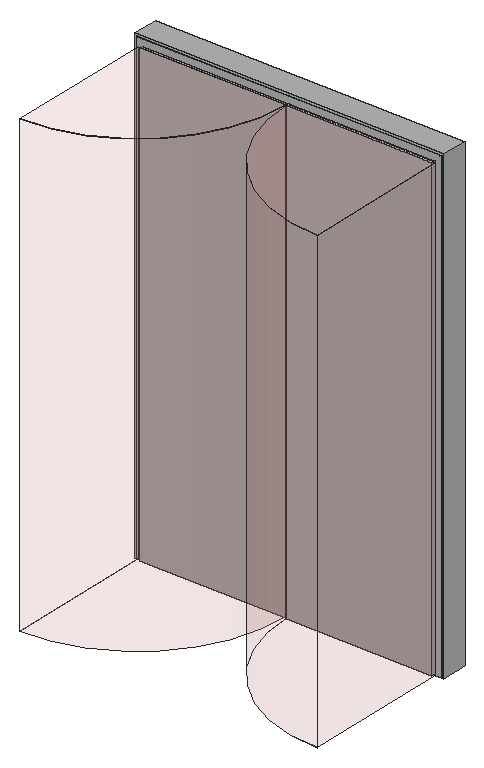
Revit family "ASSA ABLOY - ALPE Sp 120-2, double-leaf, block frame", category Doors, host Wall, Revit 2021
Family settings
  Host = Wall
  OmniClass Number = 23.30.10.00
  OmniClass Title = Doors
  Always vertical = Yes
  Cut with Voids When Loaded = No
  Shared = No
  Room Calculation Point = No
Parameters (values of type "1250 x 2100 (1255 x 2101)")
  URL = "https://www.assaabloy.com/pl/pl"
  Type Comments = "Door leaf made of two pressed galvanised steel sheets 1,25mm thick. Filled with mineral wool glued to the sheets with polyurethane adhesive. Door with 3-sided thick rebate. "
  Rough Width Real = Width Round + Rough Width Conversion + Rough Width Adjustment  # 1448.000 mm
  Rough Height Real = Height Round + Rough Height Conversion + Rough Height Adjustment  # 2199.000 mm
  Rough Width Conversion = 198.000 mm  # constant formula
  Rough Width Adjustment = 0.000 mm  # constant formula
  Rough Height Conversion = 99.000 mm  # constant formula
  Rough Height Adjustment = 0.000 mm  # constant formula
  Recess Value [instance] = 2.000 mm
  Passive Symbol Radius [instance] = Passive Leaf Width + 13.500 mm  # 693.500 mm
  Passive Leaf Width [instance] = Rough Width Real - Middle Post - 44.000 mm  # 680.000 mm
  Opening Zone [instance] = yes
  Model = "Doorset_Steel fireproof door EI120/ Access control_ASSA ABLOY Opening Solutions_Hardware 3D"
  Middle Post [instance] = Active Leaf Clear Passage Width + 120.000 mm  # 724.000 mm
  Hinges Material = Default steel
  HW Item 9 = "1x Euro profile cylinder_Standard ASSA ABLOY"
  HW Item 8 = "1x N4572: central semi-automatic flush bolt _Corni (passive leaf)"
  HW Item 15 = "1x Planet FT: drop-down seal_Planet (option)"
  HW Item 14 = "1x Incedo: Access Control Set_ASSA ABLOY (option)"
  HW Item 13 = "1x HID SIGNO 20: card reader_HID"
  HW Item 12 = "1x 206253: Vercy door stopper, max 120 kg_ASSA ABLOY (option) "
  HW Item 11 = "1x Rosette set PZPZ_Standard ASSA ABLOY"
  HW Item 10 = "1x Handle set_Standard ASSA ABLOY"
  Frame Finish [instance] = ""
  Fire Rating = "EI120"  # constant formula
  Width Round = roundup((Width / 5.000 mm)) * 5.000 mm  # 1250.000 mm
  Thickness = 76.000 mm  # constant formula
  Smoke Rating = "Sa, S200 (optional)"
  Rough Width = Width Round + 2.000 mm + Rough Width Conversion + Rough Width Adjustment  # 1450.000 mm
  Rough Height = Height Round + 1.000 mm + Rough Height Conversion + Rough Height Adjustment  # 2200.000 mm
  Readme = "The actual lintel height is consistent with the Rough Height parameter.\nThe final HW Set should be consistent with the function of the door and its  parameters.\nHardware mounted on door surface may affect the clear passage opening. For verification, please contact the specification department."
  Provider = "ASSA ABLOY Opening Solutions"
  Product Group = "Double-Steel-Access Control"
  Name = "Steel fireproof door EI120/ Access control"
  Min Door Width = 1170.000 mm
  Min Door Height = 600.000 mm
  Mechanical Strength = 4
  Max Door Width = 2370.000 mm
  Max Door Height = 2500.000 mm
  Manufacturer = "ASSA ABLOY"  # constant formula
  IfcExportType = "USERDEFINED"
  IfcExportAs = "IfcDoorType"
  Height Round = roundup((Height / 5.000 mm)) * 5.000 mm  # 2100.000 mm
  Hardware Set = "1.13PL"
  HW Item 7 = "1x EA219: cable 10m"
  HW Item 6 = "1x EA280/ EA281: lead cover"
  HW Item 5 = "1x 118F: fail-locked electric strike, FaFix®, narrow style 16mm_EffEff (passive leaf)"
  HW Item 4 = "1x N1050: One System mechanical mortice lockcase for fire doors_ASSA ABLOY"
  HW Item 3 = "2x A153: mechanical opening damper_ASSA ABLOY (option)"
  HW Item 2 = "1x G461: guide rail with integrated coordinator_ASSA ABLOY"
  HW Item 1 = "2x DC700/ DC500: door closer, Cam-Motion®_ASSA ABLOY"
  Function = Interior
  Height = 2100.000 mm
  Wall Closure = By host
  Width = 1250.000 mm
  Frame Type = "Welded steel block frame, made of galvanised sheet 1,8mm thick."
  Frame Material = Default steel
  Family name = "1.13_DOORSET_ALPE Sp 120-2_DOUBLE-LEAF_BLOCK FRAME_ASSA ABLOY PL"
  Environmental Product Declaration (EPD) = "To be confirmed with Provider"  # constant formula
  Environmental Management System = "To be confirmed with Provider"  # constant formula
  Edition number = "1"
  Door Type = "ALPE Sp 120-2"
  Door Material = Default steel
  Door Finish Push Side [instance] = ""
  Door Finish Pull Side [instance] = ""
  Description = "ALPE Sp 120-2, door leaf made of two pressed galvanised steel sheets 1,25mm thick. Filled with mineral wool glued to the sheets with polyurethane adhesive. Door with 3-sided thick rebate. Stainless steel hinges with 3D regulation. Mechanical durability – class C5 according to PN-EN 16034:2014. Mechanical strength – class 4 according to PN-EN 1192:2001. Welded steel corner frame, made of galvanised sheet 1,8mm thick."
  Date of publishing = ""
  Contact Provider = "https://www.assaabloy.com/pl/pl/solutions/topics/bim-specification/contact"
  Brand = "ASSA ABLOY Mercor Doors Sp. z o. o."  # constant formula
  Author = "www.archispace.pl"
  Active Symbol Radius [instance] = Active Leaf Width + 13.500 mm  # 693.500 mm
  Active Leaf Width [instance] = Middle Post - 44.000 mm  # 680.000 mm
  Active Leaf Clear Passage Width = 604.000 mm
Types (7, lengths in mm): name | Rough Width Real | Rough Height Real | Passive Symbol Radius | Passive Leaf Width | Middle Post | Width Round | Rough Width | Rough Height | Height Round | Height | Width | Active Symbol Radius | Active Leaf Width | Active Leaf Clear Passage Width
  1170 x 600 (1175 x 601) | 1368.000 | 699.000 | 653.500 | 640.000 | 684.000 | 1170.000 | 1370.000 | 700.000 | 600.000 | 600.000 | 1170.000 | 653.500 | 640.000 | 564.000
  1250 x 2100 (1255 x 2101) | 1448.000 | 2199.000 | 693.500 | 680.000 | 724.000 | 1250.000 | 1450.000 | 2200.000 | 2100.000 | 2100.000 | 1250.000 | 693.500 | 680.000 | 604.000
  1400 x 2100 (1405 x 2101) | 1598.000 | 2199.000 | 768.500 | 755.000 | 799.000 | 1400.000 | 1600.000 | 2200.000 | 2100.000 | 2100.000 | 1400.000 | 768.500 | 755.000 | 679.000
  1600 x 2100 (1605 x 2101) | 1798.000 | 2199.000 | 868.500 | 855.000 | 899.000 | 1600.000 | 1800.000 | 2200.000 | 2100.000 | 2100.000 | 1600.000 | 868.500 | 855.000 | 779.000
  1800 x 2100 (1805 x 2101) | 1998.000 | 2199.000 | 968.500 | 955.000 | 999.000 | 1800.000 | 2000.000 | 2200.000 | 2100.000 | 2100.000 | 1800.000 | 968.500 | 955.000 | 879.000
  2000 x 2100 (2005 x 2101) | 2198.000 | 2199.000 | 1068.500 | 1055.000 | 1099.000 | 2000.000 | 2200.000 | 2200.000 | 2100.000 | 2100.000 | 2000.000 | 1068.500 | 1055.000 | 979.000
  2370 x 2500 (2375 x 2501) | 2568.000 | 2599.000 | 1253.500 | 1240.000 | 1284.000 | 2370.000 | 2570.000 | 2600.000 | 2500.000 | 2500.000 | 2370.000 | 1253.500 | 1240.000 | 1164.000
Reference planes
  plane 1: y = 0
  plane 2 "Center (Left/Right)": x = 0
  plane 3: z = 2199
  plane 4 "Exterior": y = 120
  plane 5 "Interior": y = -120
  plane 6: x = -724
  plane 7: x = 724
  plane 8: z = 2100
  plane 9: x = 0
  plane 10: z = 2142
  plane 11: x = 667
  plane 12: x = -667
  plane 13: x = 625
  plane 14: x = -625
  plane 15: x = -19
  plane 16: x = 19
  plane 17: x = -736.5
  plane 18: x = 736.5
  plane 19: z = 8
  plane 20: x = -725
  plane 21: x = 725
  plane 22: z = 2200
  plane 23: y = -130.5
  plane 24: y = -121
  plane 25: y = -118
  plane 26: y = -60
  plane 27: y = -49
  plane 28: y = 6
  plane 29: y = 2.5
  plane 30: x = 696.5
  plane 31: x = -696.5
  plane 32: z = 2158
Forms (mm)
  Sweep 1, solid, material "Default steel" <- "Frame Material"
    path origin (-489, -118, 1200) x (1, 0, 0) y (0, 0, 1)
      loop
        line (-235, -1200) -> (-235, 999) -> (1213, 999) -> (1213, -1200)
    profile origin (-724, -118, 1099.5) x (-1, 0, 0) y (0, -1, 0)
      loop
        line (-99, -58) -> (-99, -124) -> (-10, -124) -> (-10, -120.5) -> (0, -120.5) -> (0, 0) -> (-10, 0) -> (-10, 3) -> (-52, 3) -> (-52, -69) -> (-67, -69) -> (-67, -58) -> (-99, -58)
  Sweep 2, solid, material "Default steel" <- "Door Material"
    path origin (-489, -118, 1200) x (1, 0, 0) y (0, 0, 1)
      loop
        line (-178, -1192) -> (-178, 942) -> (470, 942) -> (470, -1192)
    profile origin (-343, -118, 2142) x (0, 0, 1) y (0, -1, 0)
      loop
        line (0, 20) -> (0, 5) -> (16, 5) -> (16, 20) -> (0, 20)
  Sweep 3, solid, material "Default steel" <- "Door Material"
    path origin (-489, -118, 1200) x (1, 0, 0) y (0, 0, 1)
      loop
        line (489, -1192) -> (489, 942)
    profile origin (0, -118, 1075) x (-1, 0, 0) y (0, -1, 0)
      loop
        line (667, -56) -> (667, 20) -> (19, 20) -> (19, -56) -> (667, -56)
  Sweep 4, solid, material "Opening zone", visible <- "Opening Zone"
    path origin (-5600, 0, 0) x (-1, 0, 0) y (0, 0, 1)
      loop
        line (-5600, 8) -> (-5600, 2158)
    profile origin (0, 0, 1083) x (1, 0, 0) y (0, 1, 0)
      loop
        line (-696.5, -130.5) -> (-696.5, -824)
        arc (-696.5, -824) -> (-206.121, -620.879) -> (-3, -130.5) r 693.5
        line (-3, -130.5) -> (-696.5, -130.5)
  Sweep 5, solid, material "Default steel" <- "Frame Material"
    path origin (-489, -118, 1200) x (1, 0, 0) y (0, 0, 1)
      loop
        line (489, -1192) -> (489, 900)
    profile origin (0, -118, 1054) x (-1, 0, 0) y (0, -1, 0)
      loop
        line (19, 4) -> (6, 4) -> (-2, 1) -> (-12, 1) -> (-12, -59.75) -> (-23, -59.75) -> (-38.5, -57.5) -> (-41.5, -57.5) -> (-41.5, -69) -> (-56.5, -69) -> (-56.5, -58.5) -> (-61, -58.5) -> (-61, -88.5) -> (87, -88.5) -> (87, -56) -> (19, -56) -> (19, 4)
  Sweep 6, solid, material "Default steel" <- "Door Material"
    path origin (-489, -118, 1200) x (1, 0, 0) y (0, 0, 1)
      loop
        line (508, -1192) -> (508, 942) -> (1156, 942) -> (1156, -1192)
    profile origin (343, -118, 2142) x (0, 0, 1) y (0, -1, 0)
      loop
        line (0, 20) -> (0, 5) -> (16, 5) -> (16, 20) -> (0, 20)
  Sweep 7, solid, material "Default steel" <- "Door Material"
    path origin (-489, -118, 1200) x (1, 0, 0) y (0, 0, 1)
      loop
        line (489, -1192) -> (489, 942)
    profile origin (0, -118, 1075) x (-1, 0, 0) y (0, -1, 0)
      loop
        line (-667, -56) -> (-19, -56) -> (-19, 20) -> (-667, 20) -> (-667, -56)
  Sweep 8, solid, material "Opening zone", visible <- "Opening Zone"
    path origin (5600, 0, 0) x (1, 0, 0) y (0, 0, -1)
      loop
        line (-5600, -8) -> (-5600, -2158)
    profile origin (0, 0, 1083) x (1, 0, 0) y (0, 1, 0)
      loop
        line (696.5, -130.5) -> (3, -130.5)
        arc (3, -130.5) -> (206.121, -620.879) -> (696.5, -824) r 693.5
        line (696.5, -824) -> (696.5, -130.5)
Cuts and joins
  joined: Sweep 2, Sweep 3
  joined: Sweep 6, Sweep 7
Lines and regions (mm)
  Masking region 1, detail levels fine
    outline origin (-1132.682, -300, 2037) x (-1, 0, 0) y (0, -1, 0)
      loop
        circle (-436.182, -169.5) r 11
      loop
        circle (-1829.182, -169.5) r 11
  Opening 1
    outline origin (-5000, -120, 0) x (1, 0, 0) y (0, 0, 1)
      loop
        line (4275, 2200) -> (4275, 0) -> (5725, 0) -> (5725, 2200) -> (4275, 2200)
  Masking region 2, detail levels medium
    outline origin (-1132.682, -300, 2052) x (-1, 0, 0) y (0, -1, 0)
      loop
        line (-408.682, -306) -> (-408.682, -179) -> (-507.682, -179) -> (-507.682, -306) -> (-408.682, -306)
      loop
        line (-1856.682, -306) -> (-1757.682, -306) -> (-1757.682, -179) -> (-1856.682, -179) -> (-1856.682, -306)
  Masking region 3, detail levels fine
    outline origin (-1177.682, -289.4, 2052) x (-1, 0, 0) y (0, -1, 0)
      loop
        line (-552.682, -229.4) -> (-552.682, -295.4) -> (-463.682, -295.4) -> (-463.682, -291.9) -> (-453.682, -291.9) -> (-453.682, -171.4) -> (-463.682, -171.4) -> (-463.682, -168.4) -> (-505.682, -168.4) -> (-505.682, -240.4) -> (-520.682, -240.4) -> (-520.682, -229.4) -> (-552.682, -229.4)
      loop
        line (-1802.682, -229.4) -> (-1834.682, -229.4) -> (-1834.682, -240.4) -> (-1849.682, -240.4) -> (-1849.682, -168.4) -> (-1891.682, -168.4) -> (-1891.682, -171.4) -> (-1901.682, -171.4) -> (-1901.682, -291.9) -> (-1891.682, -291.9) -> (-1891.682, -295.4) -> (-1802.682, -295.4) -> (-1802.682, -229.4)
  symbolic lines, style "Elevation Swing"
    curve 1: line (-3, -120, 1099.5) -> (-625, -120, 2100)
    curve 2: line (-3, -120, 1099.5) -> (-625, -120, 8)
    curve 3: line (3, -120, 1099.5) -> (625, -120, 2100)
    curve 4: line (3, -120, 1099.5) -> (625, -120, 8)
Text (mm)
  text "Exterior" at (-1376.75, 1099.543, 0), in view "Ref. Level"
  text "Exterior" at (0, 1615.38, 3698.081), in view "Left"
  text "Exterior" at (0, 1036.032, 3874.932), in view "Right"
Dimensions and locks
  "Rough Height Real": plane 3 to host wall
  equal spacing: host wall, curve 2, plane 3
  host wall to plane 3 = 2199.000 mm
  locked: plane 4 "Exterior" to host wall
  locked: plane 5 "Interior" to host wall
  equal spacing: plane 6, plane 2 "Center (Left/Right)", plane 7
  "Rough Width Real": plane 6 to plane 7
  "Height": plane 8 to level
  locked: plane 6 to plane 12 at 57
  locked: plane 11 to plane 7 at 57
  locked: plane 3 to plane 10 at 57
  locked: plane 13 to plane 7 at 99
  locked: plane 6 to plane 14 at 99
  locked: plane 15 to plane 9 at 19
  locked: plane 9 to plane 16 at 19
  "Middle Post": plane 9 to plane 7
  Masking region 1 sketch curve to plane 7 = 27.500 mm
  locked: plane 7 to plane 18 at 12.5
  locked: plane 17 to plane 6 at 12.5
  equal spacing: plane 3, curve 4, level
  locked: plane 19 to level at 8
  equal spacing: plane 20, plane 2 "Center (Left/Right)", plane 21
  "Rough Width": plane 20 to plane 21
  "Rough Height": plane 22 to level
  locked: plane 27 to plane 26 at 11
  locked: plane 27 to plane 29 at 51.5
  locked: plane 29 to plane 28 at 3.5
  locked: plane 25 to plane 26 at 58
  locked: plane 6 to Masking region 3 sketch curve at 10  (x2)
  locked: plane 6 to Masking region 3 sketch curve at 99
  locked: plane 6 to Masking region 3 sketch curve at 52
  locked: plane 6 to Masking region 3 sketch curve at 67
  locked: Masking region 3 sketch curve to plane 7 at 10  (x2)
  locked: Masking region 3 sketch curve to plane 7 at 52
  locked: Masking region 3 sketch curve to plane 7 at 67
  locked: Masking region 3 sketch curve to plane 7 at 99
  locked: plane 6 to Masking region 2 sketch curve at 99
  locked: Masking region 2 sketch curve to plane 7 at 99
  locked: plane 6 to Sweep 1 sketch curve at 10  (x2)
  locked: plane 6 to Sweep 1 sketch curve at 99
  locked: plane 6 to Sweep 1 sketch curve at 52
  locked: plane 6 to Sweep 1 sketch curve at 67
  locked: plane 30 to plane 7 at 27.5
  locked: plane 6 to plane 31 at 27.5
  locked: plane 24 to plane 25 at 3
  locked: plane 24 to plane 23 at 9.5
  "Recess Value": plane 5 "Interior" to plane 25
  locked: plane 3 to plane 32 at 41
  "Active Symbol Radius": radius of Sweep 8 sketch curve
  "Passive Symbol Radius": radius of Sweep 4 sketch curve
  aligned and locked: plane 1 to host wall
  aligned and locked: level to Sweep 1 sketch curve  (x2)
  aligned and locked: Sweep 1 sketch curve to plane 6  (x2)
  aligned and locked: plane 7 to Sweep 1 sketch curve
  aligned and locked: plane 2 "Center (Left/Right)" to Sweep 3 sketch curve
  aligned and locked: nested 1 to plane 2 "Center (Left/Right)"
  aligned and locked: plane 3 to Sweep 1 sketch curve
  aligned and locked: Sweep 2 sketch curve to plane 12
  aligned and locked: Sweep 2 sketch curve to plane 10
  aligned and locked: plane 10 to Sweep 3 sketch curve
  aligned and locked: Sweep 3 sketch curve to plane 12
  aligned and locked: Sweep 5 sketch curve to plane 9
  aligned and locked: plane 15 to Sweep 3 sketch curve
  aligned and locked: plane 15 to Sweep 2 sketch curve
  aligned and locked: Sweep 7 sketch curve to plane 9
  aligned and locked: plane 10 to Sweep 7 sketch curve
  aligned and locked: Sweep 7 sketch curve to plane 16
  aligned and locked: plane 11 to Sweep 7 sketch curve
  aligned and locked: Sweep 6 sketch curve to plane 10
  aligned and locked: Sweep 6 sketch curve to plane 11
  aligned and locked: plane 16 to Sweep 6 sketch curve
  aligned and locked: plane 2 "Center (Left/Right)" to Sweep 8 sketch curve
  aligned and locked: plane 19 to Sweep 5 sketch curve
  aligned and locked: level to Opening 1 sketch curve
  aligned and locked: Opening 1 sketch curve to plane 20
  aligned and locked: Opening 1 sketch curve to plane 21
  aligned and locked: plane 8 to Sweep 5 sketch curve
  aligned and locked: Opening 1 sketch curve to plane 22
  aligned and locked: plane 19 to Sweep 2 sketch curve  (x2)
  aligned and locked: plane 19 to Sweep 3 sketch curve
  aligned and locked: plane 19 to Sweep 6 sketch curve  (x2)
  aligned and locked: plane 19 to Sweep 7 sketch curve
  aligned and locked: plane 24 to Masking region 2 sketch curve
  aligned and locked: Masking region 2 sketch curve to plane 28
  aligned and locked: plane 28 to Masking region 2 sketch curve
  aligned and locked: Masking region 2 sketch curve to plane 24
  aligned and locked: Masking region 3 sketch curve to plane 29
  aligned and locked: plane 28 to Masking region 3 sketch curve
  aligned and locked: Masking region 3 sketch curve to plane 27
  aligned and locked: plane 26 to Masking region 3 sketch curve
  aligned and locked: plane 25 to Masking region 3 sketch curve
  aligned and locked: plane 24 to Masking region 3 sketch curve
  aligned and locked: Masking region 3 sketch curve to plane 28
  aligned and locked: plane 29 to Masking region 3 sketch curve
  aligned and locked: plane 27 to Masking region 3 sketch curve
  aligned and locked: Masking region 3 sketch curve to plane 26
  aligned and locked: Masking region 3 sketch curve to plane 25
  aligned and locked: Masking region 3 sketch curve to plane 24
  aligned and locked: Masking region 3 sketch curve to plane 6
  aligned and locked: Masking region 3 sketch curve to plane 7
  aligned and locked: Masking region 2 sketch curve to plane 6
  aligned and locked: Masking region 2 sketch curve to plane 7
  aligned and locked: plane 28 to Sweep 1 sketch curve
  aligned and locked: Sweep 1 sketch curve to plane 29
  aligned and locked: Sweep 1 sketch curve to plane 27
  aligned and locked: plane 26 to Sweep 1 sketch curve
  aligned and locked: plane 24 to Sweep 1 sketch curve
  aligned and locked: plane 25 to Sweep 1 sketch curve
  aligned and locked: plane 23 to Masking region 1 sketch curve  (x2)
  aligned and locked: plane 31 to Masking region 1 sketch curve
  aligned and locked: plane 30 to Sweep 8 sketch curve
  aligned and locked: plane 23 to Sweep 8 sketch curve
  aligned and locked: Sweep 4 sketch curve to plane 31
  aligned and locked: Sweep 4 sketch curve to plane 23
  aligned and locked: plane 2 "Center (Left/Right)" to Sweep 4 sketch curve
  aligned and locked: plane 25 to nested 1
  aligned and locked: plane 32 to Sweep 4 sketch curve
  aligned and locked: plane 19 to Sweep 4 sketch curve
  aligned and locked: plane 32 to Sweep 8 sketch curve
  aligned and locked: plane 19 to Sweep 8 sketch curve
  aligned and locked: plane 8 to curve 1
  aligned and locked: plane 14 to curve 1
  aligned and locked: plane 14 to curve 2
  aligned and locked: plane 19 to curve 2
  aligned and locked: plane 13 to curve 4
  aligned and locked: plane 19 to curve 4
  aligned and locked: plane 13 to curve 3
  aligned and locked: plane 8 to curve 3
Automatic sketch dimensions
  profile plane to Sweep 2 sketch curve = 0.000 mm
  Sweep 2 sketch curve to profile plane = 16.000 mm
  profile plane to Sweep 2 sketch curve = 5.000 mm
  Sweep 2 sketch curve to Sweep 2 sketch curve = 15.000 mm
  profile plane to Sweep 6 sketch curve = 0.000 mm
  Sweep 6 sketch curve to profile plane = 16.000 mm
  profile plane to Sweep 6 sketch curve = 5.000 mm
  Sweep 6 sketch curve to Sweep 6 sketch curve = 15.000 mm
  Sweep 3 sketch curve to profile plane = 56.000 mm
  profile plane to Sweep 3 sketch curve = 20.000 mm
  Sweep 7 sketch curve to profile plane = 56.000 mm
  profile plane to Sweep 7 sketch curve = 20.000 mm
  profile plane to Sweep 5 sketch curve = 61.000 mm
  Sweep 5 sketch curve to Sweep 5 sketch curve = 4.500 mm
  Sweep 5 sketch curve to Sweep 5 sketch curve = 15.000 mm
  Sweep 5 sketch curve to Sweep 5 sketch curve = 3.000 mm  (x2)
  Sweep 5 sketch curve to Sweep 5 sketch curve = 15.500 mm
  profile plane to Sweep 5 sketch curve = 12.000 mm
  profile plane to Sweep 5 sketch curve = 2.000 mm
  Sweep 5 sketch curve to profile plane = 6.000 mm
  Sweep 5 sketch curve to Sweep 5 sketch curve = 13.000 mm
  Sweep 5 sketch curve to Sweep 5 sketch curve = 68.000 mm
  Sweep 5 sketch curve to profile plane = 88.500 mm
  Sweep 5 sketch curve to Sweep 5 sketch curve = 19.500 mm
  Sweep 5 sketch curve to Sweep 5 sketch curve = 9.250 mm
  Sweep 5 sketch curve to Sweep 5 sketch curve = 10.500 mm
  Sweep 5 sketch curve to Sweep 5 sketch curve = 11.500 mm
  Sweep 5 sketch curve to Sweep 5 sketch curve = 32.500 mm
  Sweep 5 sketch curve to Sweep 5 sketch curve = 60.750 mm
  plane 9 to curve 2 = 3.000 mm
  curve 3 to plane 9 = 3.000 mm
  radius of Masking region 1 sketch curve = 11.000 mm  (x2)
Nested families
  nested 1: "Detail_Door symbol" at (0, -118, 2037), type "Detail_Door symbol"
Definition of nested family "Detail_Door symbol"
  Parameters (values of type "Detail_Door symbol")
    Rough Width = 1798.000 mm
    Passive Symbol Radius = 747.500 mm
    Passive Leaf Width = 732.000 mm
    Middle Post = 1020.000 mm
    Active Symbol Radius = 989.500 mm
    Active Leaf Width = 974.000 mm
  Reference planes
    plane 1 "Center (Front/Back)": y = 0
    plane 2: z = 0
    plane 3 "Center (Left/Right)": x = 0
    plane 4: x = -899
    plane 5: y = -12.5
    plane 6: y = -26
    plane 7: y = -42
    plane 8: y = -742
    plane 9: y = -758
    plane 10: x = 899
    plane 11: y = -12.5
    plane 12: y = -26
    plane 13: y = -42
    plane 14: y = -984
    plane 15: y = -1000
    plane 16: y = -674
    plane 17: y = -822
    plane 18: y = -773
    plane 19: x = -769.75
    plane 20: x = -769.5
    plane 21: x = -878.75
    plane 22: x = -871.5
    plane 23: x = -863.75
    plane 24: x = -802.25
    plane 25: x = 878.75
    plane 26: x = 871.5
    plane 27: x = 863.75
    plane 28: x = 802.25
  Lines and regions (mm)
    Filled region 1, type "Solid Fill - White", in view "Ref. Level", detail levels fine
      outline origin (88.5, 43.059, 0) x (1, 0, 0) y (0, 1, 0)
        loop
          line (-967.25, -69.059) -> (-967.25, -801.059) -> (-952.25, -801.059) -> (-952.25, -785.059) -> (-890.75, -785.059) -> (-890.75, -85.059) -> (-952.25, -85.059) -> (-952.25, -69.059) -> (-967.25, -69.059)
    Filled region 2, type "Solid Fill - White", in view "Ref. Level", detail levels medium
      outline origin (-211.5, 43.059, 0) x (1, 0, 0) y (0, 1, 0)
        loop
          line (-667.25, -69.059) -> (-667.25, -801.059) -> (-590.75, -801.059) -> (-590.75, -69.059) -> (-667.25, -69.059)
    Filled region 3, type "Solid Fill - White", in view "Ref. Level", detail levels fine
      outline origin (-78.5, 43.059, 0) x (0, 1, 0) y (-1, 0, 0)
        loop
          line (-69.059, -957.25) -> (-69.059, -942.25) -> (-85.059, -942.25) -> (-85.059, -880.75) -> (-1027.059, -880.75) -> (-1027.059, -942.25) -> (-1043.059, -942.25) -> (-1043.059, -957.25) -> (-69.059, -957.25)
    Filled region 4, type "Solid Fill - White", in view "Ref. Level", detail levels fine
      outline origin (88.5, -61.941, 0) x (1, 0, 0) y (0, 1, 0)
        loop
          line (-858.25, -760.059) -> (-858.25, -612.059) -> (-890.75, -612.059) -> (-890.75, -680.059) -> (-951.25, -680.059) -> (-951.25, -693.059) -> (-948.25, -701.059) -> (-948.25, -711.059) -> (-887, -711.059) -> (-887, -722.059) -> (-889.25, -737.559) -> (-889.25, -740.559) -> (-877.75, -740.559) -> (-877.75, -755.559) -> (-888.25, -755.559) -> (-888.25, -760.059) -> (-858.25, -760.059)
    Filled region 5, type "Solid Fill - White", in view "Ref. Level", detail levels medium
      outline origin (183.5, -61.941, 0) x (1, 0, 0) y (0, 1, 0)
        loop
          line (-985.75, -612.059) -> (-985.75, -760.059) -> (-953.25, -760.059) -> (-953.25, -612.059) -> (-985.75, -612.059)
    Filled region 6, type "Solid Fill - White", in view "Ref. Level", detail levels medium
      outline origin (221.5, 43.059, 0) x (0, 1, 0) y (-1, 0, 0)
        loop
          line (-69.059, -657.25) -> (-69.059, -580.75) -> (-1043.059, -580.75) -> (-1043.059, -657.25) -> (-69.059, -657.25)
    detail lines, in view "Ref. Level"
      curve 1: arc (-871.5, -760, 0) -> (-342.938, -541.062, 0) -> (-124, -12.5, 0) r 747.5
      curve 3: arc (807.867, -999.952, 0) -> (149.671, -689.311, 0) -> (-118, -12.5, 0) r 989.5
    detail lines, in view "Ref. Level", detail levels coarse
      curve 2: line (-871.5, -760, 0) -> (-871.5, -12.5, 0)
      curve 4: line (807.867, -999.952, 0) -> (807.867, -12.5, 0)
  Dimensions and locks
    locked: plane 9 to plane 8 at 16
    "Passive Leaf Width": plane 9 to plane 6
    locked: plane 1 "Center (Front/Back)" to plane 5 at 12.5
    locked: plane 1 "Center (Front/Back)" to plane 6 at 26
    locked: plane 6 to plane 7 at 16
    "Rough Width": plane 4 to plane 10
    equal spacing: plane 4, plane 3 "Center (Left/Right)", plane 10
    locked: plane 15 to plane 14 at 16
    "Active Leaf Width": plane 15 to plane 12
    locked: plane 1 "Center (Front/Back)" to plane 11 at 12.5
    locked: plane 1 "Center (Front/Back)" to plane 12 at 26
    locked: plane 12 to plane 13 at 16
    locked: plane 18 to plane 9 at 15
    locked: plane 18 to plane 17 at 49
    locked: plane 9 to plane 16 at 84
    locked: plane 19 to plane 20 at 0.25
    locked: plane 4 to plane 21 at 20.25
    locked: plane 21 to plane 22 at 7.25
    locked: plane 22 to plane 23 at 7.75
    locked: plane 23 to plane 24 at 61.5
    locked: plane 10 to plane 25 at 20.25
    locked: plane 25 to plane 26 at 7.25
    locked: plane 26 to plane 27 at 7.75
    locked: plane 27 to plane 28 at 61.5
    locked: plane 24 to plane 19 at 32.5
    "Passive Symbol Radius": radius of curve 1
    "Active Symbol Radius": radius of curve 3
    aligned and locked: plane 5 to curve 1
    aligned and locked: plane 9 to Filled region 1 sketch curve
    aligned and locked: plane 8 to Filled region 1 sketch curve
    aligned and locked: Filled region 1 sketch curve to plane 6
    aligned and locked: Filled region 1 sketch curve to plane 7
    aligned and locked: Filled region 2 sketch curve to plane 6
    aligned and locked: plane 9 to Filled region 2 sketch curve
    aligned and locked: plane 11 to curve 3
    aligned and locked: plane 15 to Filled region 3 sketch curve
    aligned and locked: plane 14 to Filled region 3 sketch curve
    aligned and locked: Filled region 3 sketch curve to plane 12
    aligned and locked: Filled region 3 sketch curve to plane 13
    aligned and locked: plane 16 to Filled region 4 sketch curve
    aligned and locked: plane 8 to Filled region 4 sketch curve
    aligned and locked: Filled region 4 sketch curve to plane 19
    aligned and locked: plane 16 to Filled region 5 sketch curve
    aligned and locked: Filled region 5 sketch curve to plane 19
    aligned and locked: Filled region 5 sketch curve to plane 17
    aligned and locked: Filled region 6 sketch curve to plane 12
    aligned and locked: plane 15 to Filled region 6 sketch curve
    aligned and locked: curve 4 to plane 11
    aligned and locked: Filled region 4 sketch curve to plane 18
    aligned and locked: plane 17 to Filled region 4 sketch curve
    aligned and locked: plane 22 to curve 2
    aligned and locked: Filled region 2 sketch curve to plane 21
    aligned and locked: Filled region 2 sketch curve to plane 24
    aligned and locked: Filled region 1 sketch curve to plane 21
    aligned and locked: plane 23 to Filled region 1 sketch curve  (x2)
    aligned and locked: Filled region 1 sketch curve to plane 24
    aligned and locked: plane 25 to Filled region 3 sketch curve
    aligned and locked: Filled region 3 sketch curve to plane 27  (x2)
    aligned and locked: plane 28 to Filled region 3 sketch curve
    aligned and locked: plane 25 to Filled region 6 sketch curve
    aligned and locked: plane 28 to Filled region 6 sketch curve
    aligned and locked: plane 26 to curve 3
  Automatic sketch dimensions
    Filled region 5 sketch curve to plane 19 = 32.500 mm
    Filled region 4 sketch curve to plane 19 = 19.500 mm
    Filled region 4 sketch curve to plane 18 = 11.000 mm
    Filled region 4 sketch curve to Filled region 4 sketch curve = 9.250 mm
    plane 17 to Filled region 4 sketch curve = 4.500 mm
    Filled region 4 sketch curve to Filled region 4 sketch curve = 10.500 mm
    Filled region 4 sketch curve to Filled region 4 sketch curve = 11.500 mm
    Filled region 4 sketch curve to Filled region 4 sketch curve = 3.750 mm
    Filled region 4 sketch curve to plane 23 = 4.000 mm
    Filled region 4 sketch curve to plane 23 = 1.000 mm
    Filled region 4 sketch curve to Filled region 4 sketch curve = 15.000 mm
    Filled region 4 sketch curve to Filled region 4 sketch curve = 3.000 mm
    plane 9 to Filled region 4 sketch curve = 5.000 mm
    Filled region 4 sketch curve to plane 9 = 3.000 mm
    curve 2 to plane 5 = 0.000 mm
    curve 4 to plane 15 = 0.048 mm
